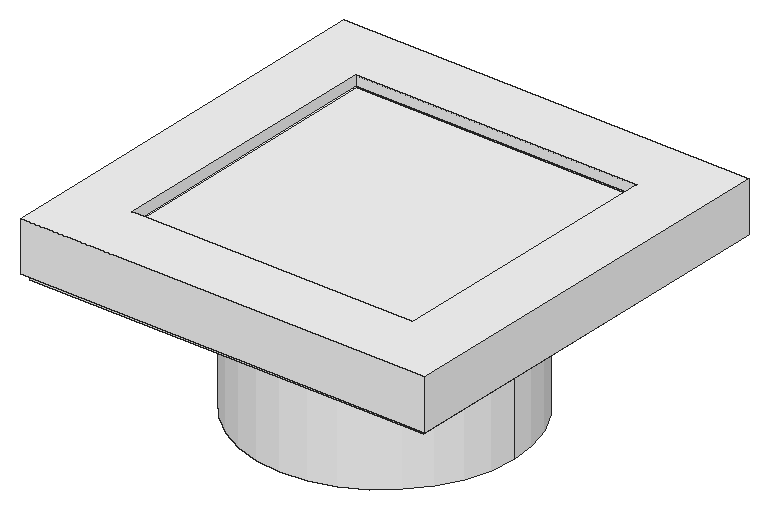
Revit family "Gira_283428", category Electrical Fixtures, host Face, Revit 2017
Family settings
  Host = Face
  Maintain Annotation Orientation = Yes
  Round Connector Dimension = Use Diameter
  Part Type = Normal
  Cut with Voids When Loaded = No
  Shared = No
  Room Calculation Point = No
Parameters (values of type "Wippschalter BS 20 AX Aus 2-p Kontroll System 55 Anthrazit")
  Zusammenstellung = "Basiselement mit zentraler Abdeckplatte"
  White [instance] = White
  Werkstoffgüte = "sonstige"
  Werkstoff = "sonstige"
  Waschmaschinenschalter = "No"
  URL = "http://katalog.gira.de/de_DE/datenblatt.html?artikelnr=283428"
  Textfeld/Beschriftungsfläche = "nein"
  Tastschalter = "No"
  Schaltungsart = "Schalter 2-polig"
  Rückmeldekontakt = "No"
  Region = "DE"
  Oberfläche = "sonstige"
  Nennspannung = "250 Volt"
  Name = "Wippschalter BS 20 AX Aus 2-p Kontroll System 55 Anthrazit"
  Montageart = "unter Putz"
  Model = "Sys55_Komplettgerät_Schalten und Tasten"
  Mit Montageplatte = "No"
  Manufacturer URL = "https://www.gira.de/"
  HeinzeBIM = "https://bimportal.heinze.de/bim/wippschalter-bs-20-ax-aus-2-p-kontroll-system-55-anthrazit/796782da1227ce6b18ecfe1b834e5b4e25e89af1"
  Halogenfrei = "No"
  HAN = "283428"
  Geeignet für Schutzart (IP) = "IP20"
  GTIN = "4010337078845"
  Farbe = "anthrazit"
  Default Elevation = 1219.2 mm
  Data sheet (1) = "https://katalog.gira.de/de_DE/download.html?artikelnr=283428"
  Category = "Installationsschalter"
  Bemessungsstrom = "20 Ampere"
  Beleuchtungsfunktion = "beleuchtet wenn eingeschaltet"
  Beleuchtungsart = "sonstige"
  Beleuchtung = "ja"
  Befestigungsart = "Schraubbefestigung"
  Bedienungsart = "Wippe/Taste"
  Available = "Yes"
  Anzahl der Module (bei Modulbauweise) = "1 "
  Anzahl der Betätigungswippen = "1 "
  Anschlussart = "Schraubklemme"
Reference planes
  plane 1 "Center (Front/Back)": y = 0
  plane 2: z = 0
  plane 3 "Center (Left/Right)": x = 0
Forms (mm)
  Extrusion 1, solid, material "White" <- "White", detail levels medium
    sketch origin (0, 0, 0) x (1, 0, 0) y (0, 1, 0)
      loop
        line (-40.4, 40.4) -> (-40.4, -40.4) -> (40.4, -40.4) -> (40.4, 40.4) -> (-40.4, 40.4)
      loop
        line (-28, 28) -> (-28, -28) -> (28, -28) -> (28, 28) -> (-28, 28)
    from 0 to 10
  Extrusion 2, solid, material "White" <- "White", detail levels fine
    sketch origin (0, 0, 0) x (1, 0, 0) y (0, 1, 0)
      loop
        line (-40.4, 40.4) -> (-40.4, -40.4) -> (40.4, -40.4) -> (40.4, 40.4) -> (-40.4, 40.4)
      loop
        line (-28, 28) -> (-28, -28) -> (28, -28) -> (28, 28) -> (-28, 28)
    from 0 to 10
  Extrusion 3, void
    sketch origin (0, 0, 0) x (1, 0, 0) y (0, 1, 0)
      loop
        line (-38.4, 38.4) -> (-38.4, -38.4) -> (38.4, -38.4) -> (38.4, 38.4) -> (-38.4, 38.4)
    from 0 to 8
  Extrusion 4, solid, material "White" <- "White", detail levels medium+fine
    sketch origin (0, 0, 0) x (1, 0, 0) y (0, 1, 0)
      loop
        line (-39.4, 39.4) -> (-39.4, -39.4) -> (39.4, -39.4) -> (39.4, 39.4) -> (-39.4, 39.4)
    from 0 to -1
  Extrusion 5, solid, material "White" <- "White", detail levels medium+fine
    sketch origin (0, 0, 0) x (1, 0, 0) y (0, 1, 0)
      loop
        line (-35.5, 35.5) -> (-35.5, -35.5) -> (35.5, -35.5) -> (35.5, 35.5) -> (-35.5, 35.5)
    from -2 to -3
  Extrusion 6, solid, material "White" <- "White", detail levels medium+fine
    sketch origin (0, 0, 0) x (1, 0, 0) y (0, 1, 0)
      loop
        circle (0, 0) r 26
    from 0 to -27.5
  Extrusion 7, solid, material "White" <- "White", detail levels coarse
    sketch origin (0, 0, 0) x (1, 0, 0) y (0, 1, 0)
      loop
        line (-40.4, 40.4) -> (-40.4, -40.4) -> (40.4, -40.4) -> (40.4, 40.4) -> (-40.4, 40.4)
    from -27.5 to 10
Cuts and joins
  Extrusion 3 cuts Extrusion 2
Dimensions and locks
  aligned and locked: plane 2 to host face
  aligned and locked: level to host face
  aligned and locked: plane 3 "Center (Left/Right)" to nested 2
  aligned and locked: plane 1 "Center (Front/Back)" to nested 2
Nested families
  nested 1: "Sys55_Abdeckung_Schalten und Tasten_floor_base" at (0, 0, 0), type "Sys55_Abdeckung_Schalten und Tasten_floor_base"
  nested 2: "Schalter" at (0, 0, 0), type "Schalter"
Connectors
  electrical at (0, 0, -27.5)
    settings: on Extrusion 6, index 1, voltage 220 V, apparent load 0 VA, apparent load phase1 0 VA, apparent load phase2 0 VA, apparent load phase3 0 VA, power factor 1, load classification "Other", number of poles 1, system type 30, power factor state 1, is connector primary yes, connector utility no, sub classification motor no, connector description ""
Definition of nested family "Sys55_Abdeckung_Schalten und Tasten_floor_base"
  Parameters
    Default Elevation = 1219.2 mm
    White [instance] = none
  Reference planes
    plane 1 "Center (Front/Back)": y = 0
    plane 2: z = 0
    plane 3 "Center (Left/Right)": x = 0
  Forms (mm)
    Extrusion 1, solid
      sketch origin (0, 0, 0) x (1, 0, 0) y (0, 1, 0)
        loop
          line (-1219.2, 1219.2) -> (-1219.2, -1219.2) -> (1219.2, -1219.2) -> (1219.2, 1219.2) -> (-1219.2, 1219.2)
      from 0 to -304.8
    Extrusion 2, solid, material <- "White", detail levels fine
      sketch origin (0, 0, 0) x (1, 0, 0) y (0, 1, 0)
        loop
          line (-27.5, 27.5) -> (-27.5, -27.5) -> (27.5, -27.5) -> (27.5, 27.5) -> (-27.5, 27.5)
      from 0 to 8
    Extrusion 3, void
      sketch origin (0, 0, 0) x (1, 0, 0) y (0, 1, 0)
        loop
          line (26, 26) -> (-26, 26) -> (-26, -26) -> (26, -26) -> (26, 26)
      from 0 to 6
    Extrusion 4, solid, material <- "White", detail levels medium
      sketch origin (0, 0, 0) x (1, 0, 0) y (0, 1, 0)
        loop
          line (-27.5, 27.5) -> (-27.5, -27.5) -> (27.5, -27.5) -> (27.5, 27.5) -> (-27.5, 27.5)
      from 0 to 8
    Extrusion 5, solid, material <- "White", detail levels medium
      sketch origin (0, 0, 0) x (1, 0, 0) y (0, 1, 0)
        loop
          line (11, -17.5) -> (11, 17.5) -> (-11, 17.5) -> (-11, -17.5) -> (11, -17.5)
      from -6 to 6
    Extrusion 6, solid, material <- "White", detail levels fine
      sketch origin (0, 0, 0) x (1, 0, 0) y (0, 1, 0)
        loop
          line (11, 17.5) -> (-11, 17.5) -> (-11, 16.5) -> (11, 16.5) -> (11, 17.5)
        loop
          line (-11, -16.5) -> (-11, -17.5) -> (11, -17.5) -> (11, -16.5) -> (-11, -16.5)
      from -4 to 6
    Extrusion 7, solid, material <- "White", detail levels fine
      sketch origin (0, 0, 0) x (1, 0, 0) y (0, 1, 0)
        loop
          arc (5, 9.347) -> (0, 10.6) -> (-5, 9.347) r 10.6
          line (-5, 9.347) -> (-5, -9.347)
          arc (-5, -9.347) -> (0, -10.6) -> (5, -9.347) r 10.6
          line (5, -9.347) -> (5, 9.347)
      from -6 to 6
    Extrusion 8, solid, material <- "White", detail levels coarse
      sketch origin (0, 0, 0) x (1, 0, 0) y (0, 1, 0)
        loop
          line (-27.5, 27.5) -> (-27.5, -27.5) -> (27.5, -27.5) -> (27.5, 27.5) -> (-27.5, 27.5)
      from -6 to 8
  Cuts and joins
    Extrusion 3 cuts Extrusion 2
  Dimensions and locks
    aligned and locked: plane 2 to Extrusion 1
    aligned and locked: level to Extrusion 1
Definition of nested family "Schalter"
  Reference planes
    plane 1: y = 0
    plane 2: x = 0
  Lines and regions (mm)
    detail lines
      curve 1: circle (1.375, 2.778, 0) r 0.8 normal (0, 0, 1)
      curve 2: line (1.021, 2.061, 0) -> (0, 0, 0)
      curve 3: line (0, 0, 0) -> (-0.538, 0.266, 0)
  Dimensions and locks
    curve 2 to curve 2 = 2.3 mm
    curve 3 to curve 2 = 0.6 mm
    radius of curve 1 = 0.8 mm
